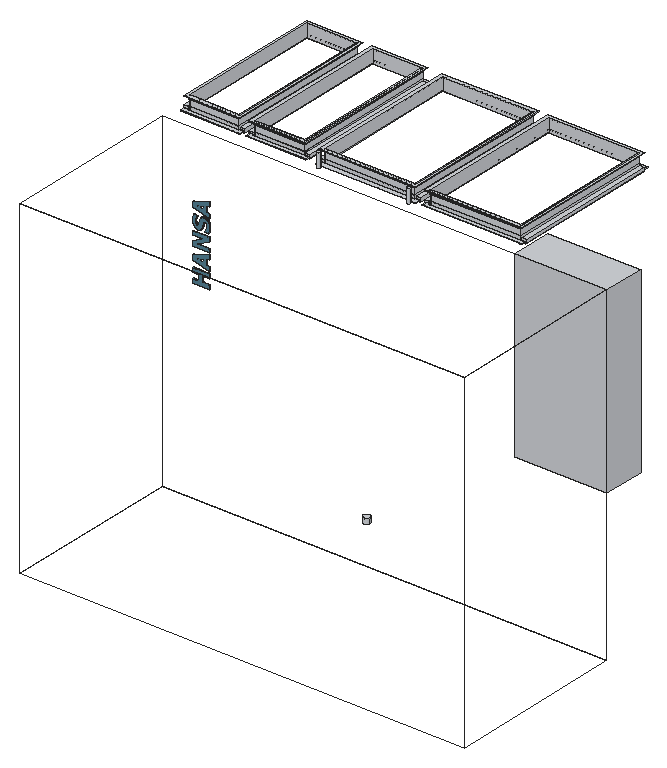
Revit family "KL-P-034-G-L", category HLS-Bauteile, Revit 2020
Family settings
  Bemaßung runder Anschluss = Durchmesser verwenden
  Klassifizierung = Keine
  Teiletyp = Normal
  Arbeitsebenenbasiert = Nein
  Immer vertikal = Ja
  Beim Laden mit Abzugskörper schneiden = Nein
  Gemeinsam genutzt = Nein
  Raumberechnungspunkt = Nein
Parameters
  Zuluftbreite [instance] = 545 mm  # constant formula
  Vorgabe-Ansicht = 0 mm
  TyS [instance] = size_lookup("TyS_Hansa_KL_P", "", "ND", RLT_Serie, Gehaeuserichtung, Gehaeuseausfuehrung, RLT_MSR_KZ)  # "KL-P-034-G-L-eCS"
  Schaltschrankbreite [instance] = 560 mm
  Schaltschrank_montiert [instance] = yes
  SSaG [instance] = and(or(Regelung SAIA, Regelung OJ), Schaltschrank_montiert)  # yes
  Regelung SAIA [instance] = yes
  Regelung OJ [instance] = no
  RLT_Volumenstrom_max = 3400 m³/h  # constant formula
  RLT_Volumenstrom_Unit_2 [instance] = 3400 m³/h
  RLT_Volumenstrom_Unit_1 [instance] = 3400 m³/h
  RLT_Typenschlüssel [instance] = TyS  # "KL-P-034-G-L-eCS"
  RLT_Serie = "KL-P-034"  # constant formula
  RLT_Material_außen [instance] = Stahlblech verzinkt + RAL 9002
  RLT_MSR_KZ [instance] = if(Regelung SAIA, "eCS", if(Regelung OJ, "eCO", "-"))  # "eCS"
  RLT_Länge [instance] = L  # 2130 mm
  RLT_Höhe = H  # 1890 mm
  RLT_Gewicht [instance] = size_lookup("TD_Hansa_KL_P", "Gewicht", 0 mm, TyS) / 1 mm * 1.00 kg  # 777.00 kg
  RLT_Breite = B  # 1080 mm
  Modell = "KL-P-034-G-L"  # constant formula
  L2 = 1310 mm  # constant formula
  L1 = 820 mm  # constant formula
  L = L1 + L2  # 2130 mm
  Kanaltiefe [instance] = RLT_Breite - 190 mm  # 890 mm
  Hersteller = "Hansa"  # constant formula
  H = 1890 mm  # constant formula
  GeräteOK [instance] = H + Fuß  # 2010 mm
  Gehaeuserichtung [instance] = "L"  # constant formula
  Gehaeuseausfuehrung [instance] = "geteilt"  # constant formula
  GD_Spannung [instance] = 230 V
  GD_Phasen [instance] = 1
  GD_Nennstrom [instance] = 0 A
  GD_Anschlussleistung [instance] = 0 W
  Fuß [instance] = 120 mm  # constant formula
  Fortluftbreite = 300 mm  # constant formula
  Bedienzone [instance] = yes
  Baugruppe [instance] = "RLT-Gerät"  # constant formula
  BZl [instance] = if(and(or(Regelung SAIA, Regelung OJ), Schaltschrank_montiert), L + Schaltschrankbreite, L)  # 2690 mm
  B = 1080 mm  # constant formula
  Außenluftbreite = 300 mm  # constant formula
  Abluftbreite [instance] = 545 mm  # constant formula
Reference planes
  plane 1 "Mitte (Vorne/hinten)": y = 0
  plane 2: z = 0
  plane 3 "Mitte (Links/rechts)": x = 0
  plane 4: x = -1065
  plane 5: x = 1065
  plane 6 "GV": y = -540
  plane 7 "GH": y = 540
  plane 8 "OKG": z = 2010
  plane 9: y = 477.5
  plane 10: y = -312.5
  plane 11: x = -1002.5
  plane 12: x = 1002.5
  plane 13: x = -702.5
  plane 14: x = -607.5
  plane 15: x = -307.5
  plane 16: x = 457.5
  plane 17: x = 362.5
  plane 18: x = -182.5
  plane 19: z = 2090
  plane 20 "UKG": z = 120
  plane 21: y = -290
  plane 22: y = -330
  plane 23: z = 90
  plane 24: y = -464
  plane 25: x = -245
  plane 26: y = -1620
  plane 27: x = 1625
Forms (mm)
  Extrusion 1, solid, visible <- "SSaG"
    sketch origin (-61.559, 0, -70) x (1, 0, 0) y (0, 0, 1)
      loop
        line (1126.559, 2080) -> (1126.559, 980) -> (1686.559, 980) -> (1686.559, 2080) -> (1126.559, 2080)
    from 540 to 290
  Extrusion 2, solid
    sketch origin (0, 0, 0) x (1, 0, 0) y (0, 1, 0)
      loop
        circle (0, -330) r 20
    from 120 to 90
  Extrusion 3, solid
    sketch origin (0, 0, 0) x (1, 0, 0) y (0, 1, 0)
      loop
        circle (-182.5, -464) r 10
      loop
        circle (362.5, -464) r 10
    from 2090 to 2010
  Extrusion 4, solid, material "Glas - klar", visible <- "Bedienzone"
    sketch origin (0, 0, 0) x (1, 0, 0) y (0, 1, 0)
      loop
        line (-1065, -540) -> (-1065, -1620) -> (1625, -1620) -> (1625, -540) -> (-1065, -540)
    from 2010 to 0
Dimensions and locks
  equal spacing: plane 4, plane 3 "Mitte (Links/rechts)", plane 5
  "L": plane 4 to plane 5
  "B": plane 7 "GH" to plane 6 "GV"
  locked: plane 7 "GH" to plane 9 at 62.5
  locked: plane 4 to plane 11 at 62.5
  locked: plane 12 to plane 5 at 62.5
  "Fortluftbreite": plane 11 to plane 13
  locked: plane 13 to plane 14 at 95
  "Außenluftbreite": plane 14 to plane 15
  "Abluftbreite": plane 16 to plane 12
  locked: plane 17 to plane 16 at 95
  "Zuluftbreite": plane 18 to plane 17
  plane 15 to plane 18 = 125 mm
  locked: nested 3 to plane 16 at 95
  "Fuß": plane 20 "UKG" to level
  plane 19 to plane 8 "OKG" = 80 mm
  locked: plane 4 to nested 1 at 62.5
  locked: plane 13 to nested 2 at 95
  locked: nested 4 to plane 5 at 62.5
  Extrusion 1 to plane 5 = 560 mm
  "RLT_Höhe": plane 8 "OKG" to plane 20 "UKG"
  equal spacing: plane 7 "GH", plane 1 "Mitte (Vorne/hinten)", plane 6 "GV"
  locked: plane 6 "GV" to plane 21 at 250
  locked: plane 6 "GV" to plane 22 at 210
  plane 20 "UKG" to plane 23 = 30 mm
  locked: plane 24 to plane 6 "GV" at 76
  "L1": plane 4 to plane 25
  "B": plane 26 to plane 6 "GV"
  "BZl": Extrusion 4 to Extrusion 4
  "Schaltschrankbreite": plane 5 to plane 27
  aligned and locked: level to plane 2
  aligned and locked: Extrusion 1 to plane 8 "OKG"
  aligned and locked: plane 6 "GV" to Extrusion 1
  aligned and locked: Extrusion 1 to plane 21
  aligned and locked: plane 20 "UKG" to Extrusion 2
  aligned and locked: Extrusion 2 to plane 23
  aligned and locked: Extrusion 3 to plane 8 "OKG"
  aligned and locked: plane 19 to Extrusion 3
  aligned and locked: plane 4 to Extrusion 4
  aligned and locked: Extrusion 4 to plane 6 "GV"
  aligned and locked: Extrusion 4 to plane 26
  aligned and locked: plane 8 "OKG" to Extrusion 4
  aligned and locked: Extrusion 1 to plane 27
  aligned and locked: Extrusion 1 to plane 5
  aligned and locked: plane 7 "GH" to nested 6
  aligned and locked: plane 4 to nested 6
Automatic sketch dimensions
  plane 5 to Extrusion 1 sketch curve = 0 mm
  Extrusion 1 sketch curve to plane 8 "OKG" = 0 mm
  plane 5 to Extrusion 1 sketch curve = 560 mm
  plane 20 "UKG" to Extrusion 1 sketch curve = 790 mm
  Extrusion 2 sketch curve to plane 3 "Mitte (Links/rechts)" = 0 mm
  Extrusion 2 sketch curve to plane 22 = 0 mm
  Extrusion 3 sketch curve to plane 18 = 0 mm
  Extrusion 3 sketch curve to plane 17 = 0 mm
  Extrusion 3 sketch curve to plane 24 = 0 mm  (x2)
  Extrusion 4 sketch curve to plane 4 = 0 mm
  plane 5 to Extrusion 4 sketch curve = 560 mm
  Extrusion 4 sketch curve to plane 26 = 0 mm
  plane 6 "GV" to Extrusion 4 sketch curve = 0 mm
  radius of Extrusion 2 sketch curve = 20 mm
  radius of Extrusion 3 sketch curve = 10 mm  (x2)
Nested families
  nested 1: "Kanalstutzen" at (-852.5, 29.209, 2010) x (1, 0, 0) z (0, -1, 0), 2570_EST_Breite <- "Fortluftbreite", 2571_EST_Höhe <- "Kanaltiefe", built-in parameter 1001360 <- "GeräteOK", type "Kanalstutzen"
    with Tiefe 80 mm, RahmenG2 20 mm, RahmenG1 30 mm, Höhe 890 mm, Breite 300 mm, 2572_EST_Tiefe 80 mm, 2571_EST_Höhe 890 mm, 2570_EST_Breite 300 mm, 1966_EST_Rahmentyp ""
  nested 2: "Kanalstutzen" at (-457.5, 29.209, 2010) x (1, 0, 0) z (0, -1, 0), 2570_EST_Breite <- "Außenluftbreite", 2571_EST_Höhe <- "Kanaltiefe", built-in parameter 1001360 <- "GeräteOK", type "Kanalstutzen"
    with Tiefe 80 mm, RahmenG2 20 mm, RahmenG1 30 mm, Höhe 890 mm, Breite 300 mm, 2572_EST_Tiefe 80 mm, 2571_EST_Höhe 890 mm, 2570_EST_Breite 300 mm, 1966_EST_Rahmentyp ""
  nested 3: "Kanalstutzen" at (90, 29.209, 2010) x (1, 0, 0) z (0, -1, 0), 2570_EST_Breite <- "Zuluftbreite", 2571_EST_Höhe <- "Kanaltiefe", built-in parameter 1001360 <- "GeräteOK", type "Kanalstutzen"
    with Tiefe 80 mm, RahmenG2 20 mm, RahmenG1 30 mm, Höhe 890 mm, Breite 545 mm, 2572_EST_Tiefe 80 mm, 2571_EST_Höhe 890 mm, 2570_EST_Breite 545 mm, 1966_EST_Rahmentyp ""
  nested 4: "Kanalstutzen" at (730, 29.209, 2010) x (1, 0, 0) z (0, -1, 0), 2570_EST_Breite <- "Abluftbreite", 2571_EST_Höhe <- "Kanaltiefe", built-in parameter 1001360 <- "GeräteOK", type "Kanalstutzen"
    with Tiefe 80 mm, RahmenG2 20 mm, RahmenG1 30 mm, Höhe 890 mm, Breite 545 mm, 2572_EST_Tiefe 80 mm, 2571_EST_Höhe 890 mm, 2570_EST_Breite 545 mm, 1966_EST_Rahmentyp ""
  nested 5: "Hansa_Aufkleber_klein" at (-780, -540, 1390) x (0, 0, 1) z (0, -1, 0), type "Hansa_Aufkleber_klein"
  nested 6: "P-034-G-L_ipt" at (0, 0, 0), type "Norm"
Connectors
  hvac at (-852.5, 29.209, 2089), driven by "RLT_Volumenstrom_Unit_2", driven by "Fortluftbreite", driven by "Kanaltiefe"
    settings: on nested 1, index 1, duct flow 3400 m³/h, flow factor 0, pres drop 0.0 Pa, loss coef 0, conn angle 0.00°, conn width 300 mm, conn height 890 mm, conn diameter 609.6 mm, duct sys type 3, conn prof type 1, flow config 1, flow direction 2, loss method 0, conn ref index -1, conn util no, is conn primary yes, conn desc ""
  hvac at (-457.5, 29.209, 2089), driven by "RLT_Volumenstrom_Unit_1", driven by "Außenluftbreite", driven by "Kanaltiefe"
    settings: on nested 2, index 2, duct flow 3400 m³/h, flow factor 0, pres drop 0.0 Pa, loss coef 0, conn angle 0.00°, conn width 300 mm, conn height 890 mm, conn diameter 609.6 mm, duct sys type 1, conn prof type 1, flow config 1, flow direction 1, loss method 0, conn ref index -1, conn util no, is conn primary no, conn desc ""
  hvac at (90, 29.209, 2089), driven by "RLT_Volumenstrom_Unit_1", driven by "Zuluftbreite", driven by "Kanaltiefe"
    settings: on nested 3, index 3, duct flow 3400 m³/h, flow factor 0, pres drop 0.0 Pa, loss coef 0, conn angle 0.00°, conn width 545 mm, conn height 890 mm, conn diameter 609.6 mm, duct sys type 1, conn prof type 1, flow config 0, flow direction 2, loss method 0, conn ref index -1, conn util no, is conn primary no, conn desc ""
  hvac at (730, 29.209, 2089), driven by "RLT_Volumenstrom_Unit_2", driven by "Abluftbreite", driven by "Kanaltiefe"
    settings: on nested 4, index 4, duct flow 3400 m³/h, flow factor 0, pres drop 0.0 Pa, loss coef 0, conn angle 0.00°, conn width 545 mm, conn height 890 mm, conn diameter 609.6 mm, duct sys type 2, conn prof type 1, flow config 0, flow direction 1, loss method 0, conn ref index -1, conn util no, is conn primary no, conn desc ""
  piping at (0, -330, 90), diameter 40
    settings: on Extrusion 2, index 5, connector inside diameter 609.6 mm, connector length 0 mm, flow factor 0, pipe flow 0.0 L/s, pressure drop 0.0 Pa, fitting loss kfactor 0, connector angle 0.00°, fixture units 0, engagement length 0 mm, angle of deflection 0.00°, flow configuration 0, flow direction 2, fitting loss method 0, system type 16, joint type 0, gender type 0, connector reference index -1, connector utility 0, adjustable connector no, is connector primary yes, connector description ""
  piping at (-182.5, -464, 2090), diameter 20
    settings: on Extrusion 3, index 6, connector inside diameter 609.6 mm, connector length 0 mm, flow factor 0, pipe flow 0.0 L/s, pressure drop 0.0 Pa, fitting loss kfactor 0, connector angle 0.00°, fixture units 0, engagement length 0 mm, angle of deflection 0.00°, flow configuration 0, flow direction 1, fitting loss method 0, system type 7, joint type 0, gender type 0, connector reference index -1, connector utility 0, adjustable connector no, is connector primary no, connector description ""
  piping at (362.5, -464, 2090), diameter 20
    settings: on Extrusion 3, index 7, connector inside diameter 609.6 mm, connector length 0 mm, flow factor 0, pipe flow 0.0 L/s, pressure drop 0.0 Pa, fitting loss kfactor 0, connector angle 0.00°, fixture units 0, engagement length 0 mm, angle of deflection 0.00°, flow configuration 0, flow direction 2, fitting loss method 0, system type 19, joint type 0, gender type 0, connector reference index -1, connector utility 0, adjustable connector no, is connector primary no, connector description ""
Definition of nested family "Kanalstutzen"
  Parameters (values of type "Kanalstutzen")
    Default Elevation = 0 mm
    Tiefe [instance] = [2572_EST_Tiefe]  # 80 mm
    RahmenG2 [instance] = 20 mm
    RahmenG1 [instance] = 30 mm
    Höhe [instance] = [2571_EST_Höhe]  # 500 mm
    Manufacturer = "Hansa"
    Breite [instance] = [2570_EST_Breite]  # 1000 mm
    Description = "Durchbruchsverkleidung"
    2572_EST_Tiefe [instance] = 80 mm
    2571_EST_Höhe [instance] = 500 mm
    2570_EST_Breite [instance] = 1000 mm
    1966_EST_Rahmentyp [instance] = ""
  Reference planes
    plane 1 "Mitte (Vorne/hinten)": y = 0
    plane 2: z = 0
    plane 3 "Mitte (Links/rechts)": x = 0
    plane 4: x = -500
    plane 5: x = 500
    plane 6 "hinten": y = 80
    plane 7: z = 250
    plane 8: z = -250
    plane 9 "R1links": x = -530
    plane 10 "R1rechts": x = 530
    plane 11 "R2links": x = -520
    plane 12 "R2rechts": x = 520
    plane 13 "R1oben": z = 280
    plane 14 "R1unten": z = -280
    plane 15: z = -270
    plane 16: z = 270
  Forms (mm)
    Sweep 1, solid
      path origin (0, 0, 0) x (1, 0, 0) y (0, 0, 1)
        loop
          line (-500, 250) -> (-500, -250) -> (500, -250) -> (500, 250) -> (-500, 250)
      profile origin (0, 0, 250) x (0, 0, 1) y (0, -1, 0)
        loop
          line (0, -40) -> (0, -80) -> (20, -80) -> (20, -79) -> (1.999, -79) -> (1.999, -59) -> (0.962, -59) -> (0.962, -21.406) -> (1.999, -21.406) -> (1.999, -1.406) -> (30, -1.406) -> (30, 0) -> (0, 0) -> (0, -40)
  Dimensions and locks
    equal spacing: plane 4, plane 3 "Mitte (Links/rechts)", plane 5
    "Breite": plane 4 to plane 5
    equal spacing: plane 7, level, plane 8
    "Höhe": plane 7 to plane 8
    "RahmenG1": plane 9 "R1links" to plane 4
    "RahmenG1": plane 5 to plane 10 "R1rechts"
    "RahmenG2": plane 11 "R2links" to plane 4
    "RahmenG2": plane 5 to plane 12 "R2rechts"
    "RahmenG1": plane 13 "R1oben" to plane 7
    "RahmenG1": plane 8 to plane 14 "R1unten"
    "RahmenG2": plane 16 to plane 7
    "RahmenG2": plane 8 to plane 15
    Sweep 1 sketch curve to Sweep 1 sketch curve = 1.406 mm
    Sweep 1 sketch curve to Sweep 1 sketch curve = 1 mm
    Sweep 1 sketch curve to Sweep 1 sketch curve = 0.962 mm
    "2572_EST_Tiefe": plane 6 "hinten" to plane 1 "Mitte (Vorne/hinten)"
    aligned and locked: level to plane 2
    aligned and locked: plane 16 to Sweep 1 sketch curve
    aligned and locked: plane 13 "R1oben" to Sweep 1 sketch curve
    aligned and locked: plane 1 "Mitte (Vorne/hinten)" to Sweep 1
    aligned and locked: plane 1 "Mitte (Vorne/hinten)" to nested 1
    aligned and locked: nested 1 to plane 10 "R1rechts"
    aligned and locked: nested 2 to plane 9 "R1links"
    aligned and locked: plane 8 to nested 2
    aligned and locked: nested 1 to plane 8
  Automatic sketch dimensions
    plane 4 to Sweep 1 sketch curve = 0 mm
    plane 5 to Sweep 1 sketch curve = 0 mm
    Sweep 1 sketch curve to plane 8 = 0 mm
    Sweep 1 sketch curve to plane 7 = 0 mm
    Sweep 1 sketch curve to plane 1 "Mitte (Vorne/hinten)" = 0 mm
    profile plane to Sweep 1 sketch curve = 0 mm
    Sweep 1 sketch curve to profile plane = 1.999 mm  (x2)
    Sweep 1 sketch curve to Sweep 1 sketch curve = 20 mm  (x2)
    Sweep 1 sketch curve to Sweep 1 sketch curve = 18.594 mm
    Sweep 1 sketch curve to Sweep 1 sketch curve = 19 mm
  Nested families
    nested 1: "EGJK30" at (520, 0, -250), L <- "Höhe", type "EGJK30"
      with L 500 mm
    nested 2: "EGJK30" at (-520, 0, -250) x (-1, 0, 0) z (0, 0, 1), L <- "Höhe", type "EGJK30"
      with L 500 mm
  Definition of nested family "EGJK30"
    Parameters (values of type "EGJK30")
      Default Elevation = 0 mm
      L [instance] = 1000 mm
    Reference planes
      plane 1 "Mitte (Vorne/hinten)": y = 0
      plane 2: z = 0
      plane 3 "Mitte (Links/rechts)": x = 0
    Forms (mm)
      Extrusion 1, solid
        sketch origin (16.67, -35.46, 0) x (1, 0, 0) y (0, 1, 0)
          loop
            line (-26.67, 25.46) -> (-6.67, 25.46) -> (-6.67, 30.46) -> (-1.67, 30.46) -> (-1.67, 50.46) -> (-34.67, 50.46) -> (-34.67, 38.46) -> (-5.67, 38.46) -> (-5.67, 35.46) -> (-25.67, 35.46) -> (-25.67, 36.96) -> (-34.67, 36.96) -> (-34.67, 33.96) -> (-26.67, 25.46)
        from 0 to 1000
    Dimensions and locks
      "L": Extrusion 1 to Extrusion 1
      aligned and locked: level to plane 2
    Automatic sketch dimensions
      plane 1 "Mitte (Vorne/hinten)" to Extrusion 1 sketch curve = 0 mm
      Extrusion 1 sketch curve to plane 3 "Mitte (Links/rechts)" = 18 mm
      plane 1 "Mitte (Vorne/hinten)" to Extrusion 1 sketch curve = 1.5 mm
      Extrusion 1 sketch curve to Extrusion 1 sketch curve = 0 mm
      Extrusion 1 sketch curve to plane 3 "Mitte (Links/rechts)" = 10 mm
      Extrusion 1 sketch curve to plane 3 "Mitte (Links/rechts)" = 9 mm
      plane 1 "Mitte (Vorne/hinten)" to Extrusion 1 sketch curve = 5 mm
      plane 3 "Mitte (Links/rechts)" to Extrusion 1 sketch curve = 10 mm
      Extrusion 1 sketch curve to Extrusion 1 sketch curve = 1 mm
      Extrusion 1 sketch curve to Extrusion 1 sketch curve = 5 mm
      plane 1 "Mitte (Vorne/hinten)" to Extrusion 1 sketch curve = 10 mm
      Extrusion 1 sketch curve to plane 1 "Mitte (Vorne/hinten)" = 1.5 mm
      Extrusion 1 sketch curve to Extrusion 1 sketch curve = 1.5 mm
      Extrusion 1 sketch curve to Extrusion 1 sketch curve = 12 mm
Definition of nested family "Hansa_Aufkleber_klein"
  Parameters (values of type "Hansa_Aufkleber_klein")
    Default Elevation = 1219.2 mm
  Reference planes
    plane 1 "Mitte (Vorne/hinten)": y = 0
    plane 2: z = 0
    plane 3 "Mitte (Links/rechts)": x = 0
  Forms (mm)
    Extrusion 1, solid, detail levels medium+fine
      sketch origin (6.994, -10.767, 0) x (1, 0, 0) y (0, 1, 0)
        loop
          line (-226.694, 10.767) -> (-201.573, 10.767) -> (-201.573, 55.095) -> (-167.456, 55.095) -> (-167.456, 10.767) -> (-142.335, 10.767) -> (-142.335, 110.767) -> (-167.456, 110.767) -> (-167.456, 74.138) -> (-201.573, 74.138) -> (-201.573, 110.767) -> (-226.694, 110.767) -> (-226.694, 10.767)
        loop
          line (202.074, 82.404) -> (191.782, 49.341) -> (212.284, 49.341) -> (202.074, 82.404)
        loop
          line (188.703, 110.767) -> (154.91, 10.767) -> (180.032, 10.767) -> (186.353, 31.189) -> (217.795, 31.189) -> (224.035, 10.767) -> (249.886, 10.767) -> (216.093, 110.767) -> (188.703, 110.767)
        loop
          line (34.084, 10.767) -> (58.233, 10.767) -> (58.233, 110.767) -> (35.299, 110.767) -> (35.299, 53.474) -> (3.37, 110.767) -> (-27.424, 110.767) -> (-27.424, 10.767) -> (-4.49, 10.767) -> (-4.49, 80.459) -> (34.084, 10.767)
        loop
          line (-85.203, 82.404) -> (-95.495, 49.341) -> (-74.993, 49.341) -> (-85.203, 82.404)
        loop
          line (-98.575, 110.767) -> (-132.367, 10.767) -> (-107.245, 10.767) -> (-100.925, 31.189) -> (-69.482, 31.189) -> (-63.242, 10.767) -> (-37.391, 10.767) -> (-71.184, 110.767) -> (-98.575, 110.767)
        loop
          line (73.143, 16.683) -> (80.903, 13.695) -> (89.27, 11.213) -> (93.783, 10.238) -> (98.65, 9.542) -> (103.872, 9.124) -> (109.448, 8.984) -> (114.303, 9.126) -> (118.902, 9.552) -> (123.243, 10.261) -> (127.327, 11.253) -> (131.154, 12.53) -> (134.724, 14.09) -> (138.037, 15.933) -> (141.093, 18.061) -> (143.838, 20.421) -> (146.216, 22.963) -> (148.229, 25.688) -> (149.876, 28.595) -> (151.156, 31.685) -> (152.071, 34.957) -> (152.62, 38.411) -> (152.803, 42.048) -> (152.724, 44.578) -> (152.487, 46.981) -> (152.091, 49.257) -> (151.537, 51.407) -> (150.825, 53.431) -> (149.954, 55.328) -> (148.925, 57.098) -> (147.738, 58.741) -> (144.874, 61.745) -> (141.346, 64.434) -> (137.155, 66.81) -> (132.301, 68.871) -> (127.124, 70.542) -> (122.293, 71.829) -> (112.609, 74.057) -> (109.035, 74.977) -> (106.095, 75.952) -> (103.788, 76.982) -> (102.114, 78.069) -> (100.927, 79.287) -> (100.078, 80.713) -> (99.569, 82.346) -> (99.4, 84.187) -> (99.506, 85.453) -> (99.825, 86.659) -> (100.357, 87.803) -> (101.101, 88.887) -> (102.965, 90.731) -> (105.153, 92.048) -> (107.99, 93.142) -> (110.664, 93.83) -> (113.439, 94.195) -> (116.579, 94.317) -> (120.768, 94.112) -> (124.906, 93.496) -> (128.993, 92.471) -> (133.03, 91.035) -> (136.889, 89.3) -> (140.445, 87.378) -> (143.697, 85.268) -> (146.644, 82.971) -> (148.832, 82.971) -> (148.832, 105.824) -> (145.231, 107.285) -> (141.397, 108.589) -> (137.33, 109.737) -> (133.03, 110.727) -> (128.608, 111.524) -> (124.177, 112.094) -> (119.735, 112.436) -> (115.283, 112.55) -> (110.919, 112.414) -> (106.741, 112.006) -> (102.749, 111.325) -> (98.944, 110.372) -> (95.324, 109.147) -> (91.891, 107.65) -> (88.644, 105.88) -> (85.583, 103.839) -> (82.8, 101.578) -> (80.389, 99.151) -> (78.348, 96.559) -> (76.679, 93.8) -> (75.38, 90.876) -> (74.453, 87.786) -> (73.896, 84.53) -> (73.711, 81.108) -> (74.025, 76.136) -> (74.967, 71.596) -> (76.537, 67.486) -> (78.735, 63.806) -> (80.094, 62.119) -> (81.657, 60.522) -> (83.426, 59.014) -> (85.4, 57.597) -> (87.58, 56.269) -> (89.964, 55.031) -> (92.553, 53.884) -> (95.348, 52.826) -> (100.625, 51.195) -> (106.247, 49.868) -> (111.869, 48.642) -> (117.147, 47.315) -> (119.104, 46.707) -> (120.925, 45.937) -> (122.609, 45.006) -> (124.156, 43.912) -> (125.451, 42.645) -> (126.375, 41.197) -> (126.929, 39.566) -> (127.114, 37.753) -> (127, 36.17) -> (126.658, 34.744) -> (126.089, 33.475) -> (125.291, 32.364) -> (123.275, 30.53) -> (120.874, 29.163) -> (118.413, 28.312) -> (115.242, 27.704) -> (112.052, 27.339) -> (109.529, 27.218) -> (105.242, 27.433) -> (100.889, 28.079) -> (96.47, 29.155) -> (91.985, 30.662) -> (87.561, 32.569) -> (83.324, 34.845) -> (79.274, 37.492) -> (75.413, 40.508) -> (73.143, 40.508) -> (73.143, 16.683)
      from 0 to 2
  Dimensions and locks
    aligned and locked: level to plane 2
Definition of nested family "P-034-G-L_ipt"
  Parameters (values of type "Norm")
    Default Elevation = 0 mm
  Reference planes
    plane 1 "Mitte (Vorne/Hinten)": y = 0
    plane 2: z = 0
    plane 3 "Mitte (Links/Rechts)": x = 0
  Dimensions and locks
    aligned and locked: level to plane 2
